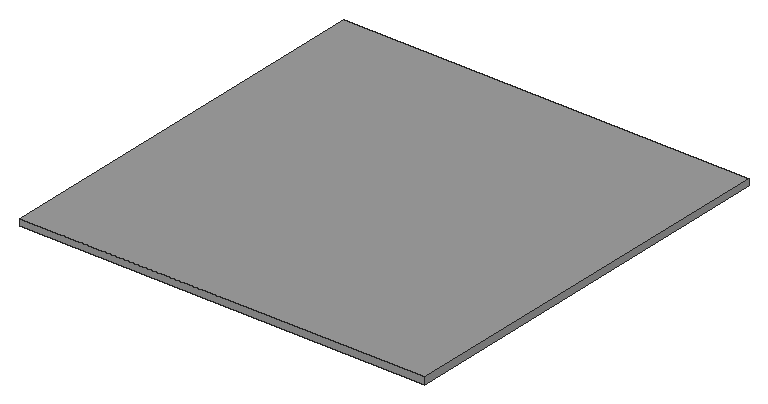
Revit family "WM-MN Skimmend 65mm Family", category Generic Models, host Ceiling, Revit 2017
Family settings
  Host = Ceiling
  Can host rebar = No
  Round Connector Dimension = Use Diameter
  Part Type = Normal
  Always vertical = Yes
  Cut with Voids When Loaded = No
  Shared = No
  Room Calculation Point = No
Parameters (values of type "Lambdaboard")
  Width = 4000 mm
  URL = "www.rigifoam.com"
  Type Comments = "duncan@rigifoam.com"
  Thermal Resistance = 2.7100 (m²·K)/W
  Thermal Conductivity = 0.0240 W/(m·K)
  Model = "WM/MN Skimmend 65mm"
  Material = Polyisocyanurate
  Manufacturer = "Lambdaboard"
  Length = 4000 mm
  Description = "Flexible PIR Insulation"
  Depth = 65 mm
  Density = 40.0000 kg/m³
Reference planes
  plane 1 "Center (Front/Back)": y = 0
  plane 2: z = 0
  plane 3 "Center (Left/Right)": x = 0
  plane 4 "Ceiling": z = 4000
Forms (mm)
  Extrusion 1, solid, material "Polyisocyanurate" <- "Material"
    sketch origin (0, 0, 4000) x (0, 1, 0) y (-1, 0, 0)
      loop
        line (2000, 2000) -> (-2000, 2000) -> (-2000, -2000) -> (2000, -2000) -> (2000, 2000)
    from -65 to 0
Dimensions and locks
  equal spacing: host sketch curve, plane 3 "Center (Left/Right)", host sketch curve
  equal spacing: host sketch curve, plane 1 "Center (Front/Back)", host sketch curve
  host sketch curve to host sketch curve = 4000 mm  (x2)
  plane 4 "Ceiling" to host ceiling = 0 mm
  "Length": Extrusion 1 to Extrusion 1
  "Width": Extrusion 1 to Extrusion 1
  Extrusion 1 to plane 3 "Center (Left/Right)" = 2000 mm
  plane 3 "Center (Left/Right)" to Extrusion 1 = 2000 mm
  "Depth": Extrusion 1 to Extrusion 1
Automatic sketch dimensions
  plane 1 "Center (Front/Back)" to Extrusion 1 sketch curve = 2000 mm
  Extrusion 1 sketch curve to plane 1 "Center (Front/Back)" = 2000 mm
  plane 3 "Center (Left/Right)" to Extrusion 1 sketch curve = 2000 mm
  Extrusion 1 sketch curve to plane 3 "Center (Left/Right)" = 2000 mm
